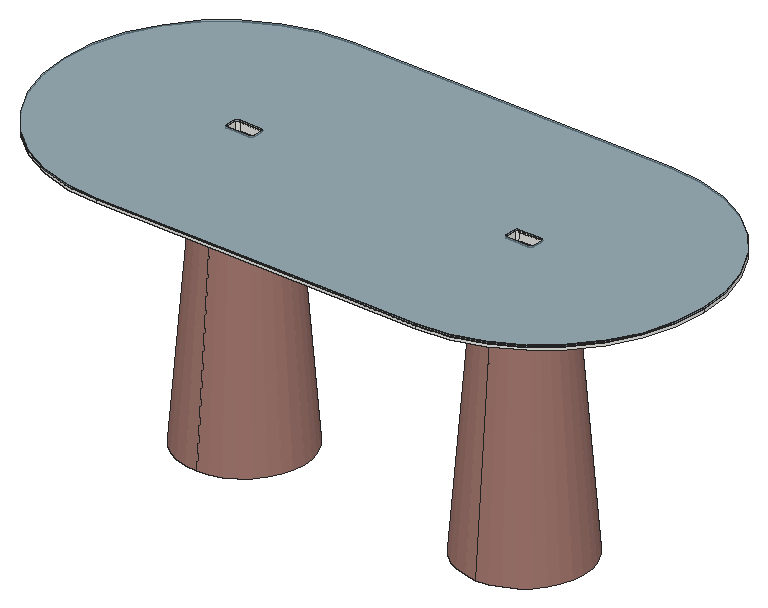
Revit family "Table-Teknion-MXSCT-Cone_Base_Specialty_Glass_Top-Expansion_Meeting-R2023", category Furniture, Revit 2023
Family settings
  OmniClass Number = 23.40.20.00
  OmniClass Title = General Furniture and Specialties
  Work Plane-Based = No
  Enable Cutting in Views = No
  Always vertical = Yes
  Cut with Voids When Loaded = No
  Render Appearance Source = Family Geometry
  Shared = Yes
  Room Calculation Point = No
Parameters (values of type "(FD) Flush Module - Dual")
  Worksurface Finish [instance] = Foundation Laminate - Teknion - XG - Very White
  Width [instance] = 96.000"
  Warranty = "http://www.teknion.com/ca/papers/legal-canada"
  Leg Height [instance] = Height - 1.189"  # 40.811"
  Worksurface Glass Finish [instance] = Backpainted Glass - Teknion - HV - Accent - Atmosphere
  Available Height [instance] = "29, 36 and 42 Inches"  # constant formula
  (W) Deep Knife Edge (1-3/16") = yes
  Unit Weight URL = "http://www.teknion.com/ca/tools/assets#&asset=bee6a381-b954-425e-8283-5a2de3a804f2,f828d448-4b62-4231-9e5f-9a8991c0ed77"
  URL = "www.teknion.com"
  To render please download texture images found here [instance] = "https://assets.teknion.com/web/5e81352c1dfdb467/revit-material-swatches/"
  Sustainability Data = "https://www.teknion.com/ca/tools/assets#&topic=216f99a5-57a0-44fc-b10a-9dee9b29ae4c&asset=444deb64-fe58-4b68-981e-f75e97781df7,b4ff2d81-9f2e-437d-9659-7cffb09c31cf"
  Support Finish [instance] = Paint - Teknion - 18 - Accent - Brickstone
  Series = "Meeting Tables"  # constant formula
  FD = yes
  Product Page URL = "https://www.teknion.com/products/product-details?productlineid=3982336e-8e7a-673b-a6c8-ff00004460c4"
  Product Line = "Expansion Meeting"  # constant formula
  Product Documentation Link = "http://www.teknion.com/pricing/Expansion-meeting/pdfs/MXTCT_ppg.pdf"
  Part Number = "MXSCT"  # constant formula
  Model = "MXSCTW______FD"
  Manufacturer Phone = "416-661-3370"  # constant formula
  Manufacturer Fax = "416.661.4586"  # constant formula
  Manufacturer Contact Information = "http://www.teknion.com/ca/contactus"
  Manufacturer Address = "1150 Flint Road, Toronto, ON. M3J 2J5. Canada"  # constant formula
  Manufacturer = "Teknion"  # constant formula
  How To Use Teknion Materials User Guide [instance] = "https://assets.teknion.com/m/205dd0a49fa58060/original/How-to-add-a-Material-Library-and-Texture-Images-to-your-Revit-project.pdf"
  Height [instance] = 42.000"
  For Additional Finishes please visit [instance] = "https://assets.teknion.com/m/44a8009b046e5d47/original/Teknion_Materials_Library.zip"
  FT = no
  Dim1 [instance] = if(Width = 72.000", 22.500", if(Width = 78.000", 22.500", if(Width = 84.000", 24.000", if(Width = 90.000", 25.500", 27.000"))))  # 27.000"
  Description = "Cone Base - Racetrack with Specialty Top, Flush Module, Dual"
  Depth [instance] = 48.000"
  Default Elevation = 0.000"
  Available Width [instance] = "72, 78, 84, 90 and 96 Inches"  # constant formula
  Available Depth [instance] = if(Height = 29.000", "42 and 48 Inches", if(Height = 36.000", "36 and 42 Inches", "36 and 42 Inches"))  # "36 and 42 Inches"
  Assembly Code = "E2020200"
Types (4): name | Width | Leg Height | Worksurface Glass Finish | FD | Product Documentation Link | Model | Height | FT | Dim1 | Description | Depth | Available Depth
  (no name) | 96.000" | 40.811" | Backpainted Glass - Teknion - HV - Accent - Atmosphere | yes | "http://www.teknion.com/pricing/Expansion-meeting/pdfs/MXTCT_ppg.pdf" | "MXSCTW______FD" | 42.000" | no | 27.000" | "Cone Base - Racetrack with Specialty Top, Flush Module, Dual" | 48.000" | "36 and 42 Inches"
  (FT) Flush Module - Triple | 90.000" | 27.811" | Backpainted Glass - Teknion - HT - Accent - Herbal | no | "http://www.teknion.com/pricing/Expansion-meeting/pdfs/MXTIT_ppg.pdf" | "MXSCTW______FT" | 29.000" | yes | 25.500" | "Cone Base - Racetrack with Specialty Top, Flush Module, Triple\r\nFlush Module - Triple" | 36.000" | "42 and 48 Inches"
  (FD) Flush Module - Dual | 96.000" | 40.811" | Backpainted Glass - Teknion - HV - Accent - Atmosphere | yes | "http://www.teknion.com/pricing/Expansion-meeting/pdfs/MXTCT_ppg.pdf" | "MXSCTW______FD" | 42.000" | no | 27.000" | "Cone Base - Racetrack with Specialty Top, Flush Module, Dual" | 48.000" | "36 and 42 Inches"
  (NN) No Cutout | 96.000" | 27.811" | Backpainted Glass - Teknion - HV - Accent - Atmosphere | no | "http://www.teknion.com/pricing/Expansion-meeting/pdfs/MXTIT_ppg.pdf" | "MXSCTW______NN" | 29.000" | no | 27.000" | "Cone Base - Racetrack with Specialty Top, No Cutout" | 60.000" | "42 and 48 Inches"
Reference planes (in)
  plane 1 "Center Front/Back": y = 0
  plane 2: z = 0
  plane 3 "Center Left/Right": x = 0
  plane 4 "Left": x = -48
  plane 5 "Right": x = 48
  plane 6 "Back": y = 24
  plane 7 "Front": y = -24
  plane 8 "Top": z = 42
  plane 9: x = -21
  plane 10: x = 21
Forms (in)
  Sweep 1, solid, material "Foundation Laminate - Teknion - XG - Very White" <- "Worksurface Finish"
    path origin (0, 0, 0) x (1, 0, 0) y (0, 0, 1)
      loop
        line (0, 42) -> (0, 40.81102)
    profile origin (0, 0, 41.40551) x (0, -1, 0) y (1, 0, 0)
      loop
        arc (-24, -23.99857) -> (-16.97076, -40.96953) -> (-0.00032, -48) r 24.00143
        arc (-0.00032, -48) -> (16.97036, -40.9716) -> (24, -24.00143) r 23.99857
        line (24, -24.00143) -> (24, 24)
        arc (24, 24) -> (16.97056, 40.97056) -> (0, 48) r 24
        arc (0, 48) -> (-16.97056, 40.97056) -> (-24, 24) r 24
        line (-24, 24) -> (-24, -23.99857)
  Sweep 2, void
    path in 3D
      loop
        arc (24, -24, 42) -> (40.97056, -16.97056, 42) -> (48, 0, 42) r 24
        arc (48, 0, 42) -> (40.97056, 16.97056, 42) -> (24, 24, 42) r 24
        line (24, 24, 42) -> (-23.99857, 24, 42)
        arc (-23.99857, 24, 42) -> (-40.96953, 16.97076, 42) -> (-48, 0.00032, 42) r 24.00143
        arc (-48, 0.00032, 42) -> (-40.9716, -16.97036, 42) -> (-24.00143, -24, 42) r 23.99857
        line (-24.00143, -24, 42) -> (24, -24, 42)
    profile origin (48, 0, 42) x (1, 0, 0) y (0, 0, 1)
      loop
        line (0.03125, -0.38922) -> (-2.38217, -1.22023) -> (0.03125, -1.22023) -> (0.03125, -0.38922)
  Sweep 3, void
    path origin (0, 0, 0) x (1, 0, 0) y (0, 0, 1)
      loop
        line (0, 40.81102) -> (0, 43.31102)
    profile origin (0, 0, 42.06102) x (-1, 0, 0) y (0, -1, 0)
      loop
        arc (2.53937, -1.12205) -> (2.81776, -1.00673) -> (2.93307, -0.72835) r 0.3937
        line (2.93307, -0.72835) -> (2.93307, 0.72835)
        arc (2.93307, 0.72835) -> (2.81776, 1.00673) -> (2.53937, 1.12205) r 0.3937
        line (2.53937, 1.12205) -> (-2.53937, 1.12205)
        arc (-2.53937, 1.12205) -> (-2.81776, 1.00673) -> (-2.93307, 0.72835) r 0.3937
        line (-2.93307, 0.72835) -> (-2.93307, -0.72835)
        arc (-2.93307, -0.72835) -> (-2.81776, -1.00673) -> (-2.53937, -1.12205) r 0.3937
        line (-2.53937, -1.12205) -> (2.53937, -1.12205)
  Sweep 4, void
    path origin (0, 0, 0) x (1, 0, 0) y (0, 0, 1)
      loop
        line (0, 40.81102) -> (0, 43.31102)
    profile origin (0, 0, 42.06102) x (-1, 0, 0) y (0, -1, 0)
      loop
        arc (22.65354, -1.12205) -> (22.93193, -1.00673) -> (23.04724, -0.72835) r 0.3937
        line (23.04724, -0.72835) -> (23.04724, 0.72835)
        arc (23.04724, 0.72835) -> (22.93193, 1.00673) -> (22.65354, 1.12205) r 0.3937
        line (22.65354, 1.12205) -> (19.34646, 1.12205)
        arc (19.34646, 1.12205) -> (19.06807, 1.00673) -> (18.95276, 0.72835) r 0.3937
        line (18.95276, 0.72835) -> (18.95276, -0.72835)
        arc (18.95276, -0.72835) -> (19.06807, -1.00673) -> (19.34646, -1.12205) r 0.3937
        line (19.34646, -1.12205) -> (22.65354, -1.12205)
      loop
        arc (-19.34646, -1.12205) -> (-19.06807, -1.00673) -> (-18.95276, -0.72835) r 0.3937
        line (-18.95276, -0.72835) -> (-18.95276, 0.72835)
        arc (-18.95276, 0.72835) -> (-19.06807, 1.00673) -> (-19.34646, 1.12205) r 0.3937
        line (-19.34646, 1.12205) -> (-22.65354, 1.12205)
        arc (-22.65354, 1.12205) -> (-22.93193, 1.00673) -> (-23.04724, 0.72835) r 0.3937
        line (-23.04724, 0.72835) -> (-23.04724, -0.72835)
        arc (-23.04724, -0.72835) -> (-22.93193, -1.00673) -> (-22.65354, -1.12205) r 0.3937
        line (-22.65354, -1.12205) -> (-19.34646, -1.12205)
  Sweep 5, solid, material "Backpainted Glass - Teknion - HV - Accent - Atmosphere" <- "Worksurface Glass Finish"
    path origin (0, 0, 0) x (1, 0, 0) y (0, 0, 1)
      loop
        line (0, 42) -> (0, 42.25)
    profile origin (0, 0, 42.125) x (-1, 0, 0) y (0, -1, 0)
      loop
        arc (23.99857, -24) -> (40.97014, -16.97014) -> (48, 0.00143) r 24.00143
        arc (48, 0.00143) -> (40.97098, 16.97098) -> (24.00143, 24) r 23.99857
        line (24.00143, 24) -> (-24, 24)
        arc (-24, 24) -> (-40.97056, 16.97056) -> (-48, 0) r 24
        arc (-48, 0) -> (-40.97056, -16.97056) -> (-24, -24) r 24
        line (-24, -24) -> (23.99857, -24)
Cuts and joins
  Sweep 2, Sweep 3, Sweep 4 cuts Sweep 1
  Sweep 3, Sweep 4 cuts Sweep 5
Lines and regions (in)
  Masking region 1
    outline origin (0, 0, 0) x (1, 0, 0) y (0, 1, 0)
      loop
        arc (-23.99857, 24) -> (-40.97014, 16.97014) -> (-48, -0.00143) r 24.00143
        arc (-48, -0.00143) -> (-40.97098, -16.97098) -> (-24.00143, -24) r 23.99857
        line (-24.00143, -24) -> (24, -24)
        arc (24, -24) -> (40.97056, -16.97056) -> (48, 0) r 24
        arc (48, 0) -> (40.97056, 16.97056) -> (24, 24) r 24
        line (24, 24) -> (-23.99857, 24)
  sketch lines
    curve 1: line (-24.00143, -24, 42) -> (24, -24, 42)
    curve 2: arc (48, 0, 42) -> (40.97056, -16.97056, 42) -> (24, -24, 42) r 24
    curve 3: arc (24, 24, 42) -> (40.97056, 16.97056, 42) -> (48, 0, 42) r 24
    curve 4: line (24, 24, 42) -> (-23.99857, 24, 42)
    curve 5: arc (-48, 0.00032, 42) -> (-40.96953, 16.97076, 42) -> (-23.99857, 24, 42) r 24.00143
    curve 6: arc (-24.00143, -24, 42) -> (-40.9716, -16.97036, 42) -> (-48, 0.00032, 42) r 23.99857
  reference lines
    curve 7: line (-48, 24, 0) -> (48, 24, 0)
    curve 8: line (-48, -24, 0) -> (48, -24, 0)
    curve 9: line (48, 24, 0) -> (48, -24, 0)
    curve 10: line (-48, 24, 0) -> (-48, -24, 0)
  symbolic lines, style "Furniture", visible <- "FT"
    curve 11: line (2.53937, 1.12205, 0) -> (-2.53937, 1.12205, 0)
    curve 12: arc (-2.53937, 1.12205, 0) -> (-2.81776, 1.00673, 0) -> (-2.93307, 0.72835, 0) r 0.3937
    curve 13: line (-2.93307, 0.72835, 0) -> (-2.93307, -0.72835, 0)
    curve 14: arc (-2.93307, -0.72835, 0) -> (-2.81776, -1.00673, 0) -> (-2.53937, -1.12205, 0) r 0.3937
    curve 15: line (-2.53937, -1.12205, 0) -> (2.53937, -1.12205, 0)
    curve 16: arc (2.53937, -1.12205, 0) -> (2.81776, -1.00673, 0) -> (2.93307, -0.72835, 0) r 0.3937
    curve 17: line (2.93307, -0.72835, 0) -> (2.93307, 0.72835, 0)
    curve 18: arc (2.93307, 0.72835, 0) -> (2.81776, 1.00673, 0) -> (2.53937, 1.12205, 0) r 0.3937
  symbolic lines, visible <- "FD"
    curve 19: line (-19.34646, 1.12205, 0) -> (-22.65354, 1.12205, 0)
    curve 20: arc (-22.65354, 1.12205, 0) -> (-22.93193, 1.00673, 0) -> (-23.04724, 0.72835, 0) r 0.3937
    curve 21: line (-23.04724, 0.72835, 0) -> (-23.04724, -0.72835, 0)
    curve 22: arc (-23.04724, -0.72835, 0) -> (-22.93193, -1.00673, 0) -> (-22.65354, -1.12205, 0) r 0.3937
    curve 23: line (-22.65354, -1.12205, 0) -> (-19.34646, -1.12205, 0)
    curve 24: arc (-19.34646, -1.12205, 0) -> (-19.06807, -1.00673, 0) -> (-18.95276, -0.72835, 0) r 0.3937
    curve 25: line (-18.95276, -0.72835, 0) -> (-18.95276, 0.72835, 0)
    curve 26: arc (-18.95276, 0.72835, 0) -> (-19.06807, 1.00673, 0) -> (-19.34646, 1.12205, 0) r 0.3937
    curve 27: line (22.65354, 1.12205, 0) -> (19.34646, 1.12205, 0)
    curve 28: arc (19.34646, 1.12205, 0) -> (19.06807, 1.00673, 0) -> (18.95276, 0.72835, 0) r 0.3937
    curve 29: line (18.95276, 0.72835, 0) -> (18.95276, -0.72835, 0)
    curve 30: arc (18.95276, -0.72835, 0) -> (19.06807, -1.00673, 0) -> (19.34646, -1.12205, 0) r 0.3937
    curve 31: line (19.34646, -1.12205, 0) -> (22.65354, -1.12205, 0)
    curve 32: arc (22.65354, -1.12205, 0) -> (22.93193, -1.00673, 0) -> (23.04724, -0.72835, 0) r 0.3937
    curve 33: line (23.04724, -0.72835, 0) -> (23.04724, 0.72835, 0)
    curve 34: arc (23.04724, 0.72835, 0) -> (22.93193, 1.00673, 0) -> (22.65354, 1.12205, 0) r 0.3937
  symbolic lines, style "FurnitureHiddenLines", detail levels medium+fine
    curve 35: arc (-23.99857, 21.709, 0) -> (-39.35016, 15.35016, 0) -> (-45.709, -0.00143, 0) r 21.71043
    curve 36: arc (-45.709, -0.00143, 0) -> (-39.351, -15.351, 0) -> (-24.00143, -21.709, 0) r 21.70757
    curve 37: line (-24.00143, -21.709, 0) -> (24, -21.709, 0)
    curve 38: arc (24, -21.709, 0) -> (39.35058, -15.35058, 0) -> (45.709, 0, 0) r 21.709
    curve 39: arc (45.709, 0, 0) -> (39.35058, 15.35058, 0) -> (24, 21.709, 0) r 21.709
    curve 40: line (24, 21.709, 0) -> (-23.99857, 21.709, 0)
Dimensions and locks (in)
  "Width": plane 4 "Left" to plane 5 "Right"
  "Depth": plane 6 "Back" to plane 7 "Front"
  "Height": plane 8 "Top" to level
  equal spacing: plane 4 "Left", plane 3 "Center Left/Right", plane 5 "Right"
  equal spacing: plane 6 "Back", plane 1 "Center Front/Back", plane 7 "Front"
  locked: plane 8 "Top" to Sweep 1 sketch curve at 1.18898
  locked: plane 5 "Right" to Sweep 2 sketch curve at 0.03125
  locked: plane 8 "Top" to Sweep 2 sketch curve at 1.22023
  Sweep 3 sketch curve to plane 8 "Top" to Sweep 3 sketch curve = 1.31102" locked, 1.18898" locked
  Sweep 3 sketch curve to plane 3 "Center Left/Right" to Sweep 3 sketch curve = 2.93307" locked, 2.93307" locked
  Sweep 3 sketch curve to plane 1 "Center Front/Back" to Sweep 3 sketch curve = 1.12205" locked, 1.12205" locked
  Sweep 4 sketch curve to plane 8 "Top" to Sweep 4 sketch curve = 1.31102" locked, 1.18898" locked
  "Dim1": plane 4 "Left" to plane 9
  "Dim1": plane 10 to plane 5 "Right"
  Sweep 4 sketch curve to plane 9 to Sweep 4 sketch curve = 2.04724" locked, 2.04724" locked
  Sweep 4 sketch curve to Sweep 4 sketch curve to plane 1 "Center Front/Back" to Sweep 4 sketch curve to Sweep 4 sketch curve = 0.000" locked, 1.12205" locked, 1.12205" locked, 0.000" locked
  Sweep 4 sketch curve to plane 10 to Sweep 4 sketch curve = 2.04724" locked, 2.04724" locked
  locked: Sweep 5 sketch curve to plane 8 "Top" at 0.25
  locked: plane 6 "Back" to curve 40 at 2.291
  locked: plane 7 "Front" to curve 37 at 2.291
  plane 4 "Left" to curve 36 to curve 35 = 2.291" locked, 0.000" locked
  locked: curve 39 to plane 5 "Right" at 2.291
  aligned and locked: level to plane 2
  aligned and locked: plane 8 "Top" to Sweep 1 sketch curve
  aligned and locked: Sweep 1 sketch curve to plane 6 "Back"
  aligned and locked: plane 4 "Left" to Sweep 1 sketch curve  (x2)
  aligned and locked: plane 5 "Right" to Sweep 1 sketch curve
  aligned and locked: plane 3 "Center Left/Right" to nested 1
  aligned and locked: plane 1 "Center Front/Back" to nested 1
  aligned and locked: curve 7 to plane 6 "Back"
  aligned and locked: plane 7 "Front" to curve 8
  aligned and locked: nested 2 to plane 9
  aligned and locked: plane 1 "Center Front/Back" to nested 2
  aligned and locked: plane 1 "Center Front/Back" to nested 3
  aligned and locked: plane 10 to nested 3
  aligned and locked: plane 3 "Center Left/Right" to Sweep 3 sketch curve
  aligned and locked: plane 3 "Center Left/Right" to Sweep 4 sketch curve
  aligned and locked: plane 5 "Right" to curve 9
  aligned and locked: curve 10 to plane 4 "Left"
  aligned and locked: curve 12 to Sweep 3
  aligned and locked: curve 14 to Sweep 3
  aligned and locked: curve 16 to Sweep 3
  aligned and locked: curve 18 to Sweep 3
  aligned and locked: curve 20 to Sweep 4
  aligned and locked: curve 22 to Sweep 4
  aligned and locked: curve 24 to Sweep 4
  aligned and locked: curve 26 to Sweep 4
  aligned and locked: curve 28 to Sweep 4
  aligned and locked: curve 30 to Sweep 4
  aligned and locked: curve 32 to Sweep 4
  aligned and locked: curve 34 to Sweep 4
  aligned and locked: plane 3 "Center Left/Right" to Sweep 5 sketch curve
  aligned and locked: plane 8 "Top" to Sweep 5 sketch curve
  aligned and locked: Sweep 5 sketch curve to plane 6 "Back"
  aligned and locked: plane 7 "Front" to Sweep 5 sketch curve
  aligned and locked: plane 4 "Left" to Sweep 5 sketch curve  (x2)
  aligned and locked: plane 5 "Right" to Sweep 5 sketch curve
  aligned and locked: plane 6 "Back" to Masking region 1 sketch curve
  aligned and locked: plane 7 "Front" to Masking region 1 sketch curve
  aligned and locked: nested 2 to plane 2
  aligned and locked: nested 3 to plane 2
Automatic sketch dimensions
  Sweep 1 sketch curve to plane 3 "Center Left/Right" = 0.000"
  Sweep 1 sketch curve to Sweep 1 sketch curve = 0.000"
  plane 1 "Center Front/Back" to Sweep 1 sketch curve = 0.000"  (x2)
  plane 1 "Center Front/Back" to Sweep 1 sketch curve = 0.00143"  (x2)
  profile plane to Sweep 2 sketch curve = 2.38217"
  Sweep 2 sketch curve to profile plane = 0.38922"
  Sweep 3 sketch curve to Sweep 3 sketch curve = 0.3937"  (x3)
  Sweep 3 sketch curve to Sweep 3 sketch curve = 0.000"
  Sweep 4 sketch curve to Sweep 4 sketch curve = 0.3937"  (x6)
  Sweep 4 sketch curve to Sweep 4 sketch curve = 0.000"
  Sweep 4 sketch curve to plane 1 "Center Front/Back" = 0.72835"
  plane 1 "Center Front/Back" to Sweep 5 sketch curve = 0.000"
  plane 1 "Center Front/Back" to Sweep 5 sketch curve = 0.00143"  (x2)
  Sweep 5 sketch curve to Sweep 5 sketch curve = 0.000"
  Masking region 1 sketch curve to Masking region 1 sketch curve = 0.000"
  Masking region 1 sketch curve to plane 4 "Left" = 0.000"  (x2)
  Masking region 1 sketch curve to plane 5 "Right" = 0.000"
  plane 1 "Center Front/Back" to Masking region 1 sketch curve = 0.00143"
  plane 1 "Center Front/Back" to curve 36 = 0.00143"
  curve 38 to curve 39 = 0.000"
Nested families (in)
  nested 1: "Teknion_2D_Node_Family-R2021" at (0, 0, 0), type "Teknion_2D_Node_Family-R2021"
  nested 2: "Leg-MXTCT-Exp_Meeting-R2022" at (-21, 0, 0), Height <- "Leg Height", Support Finish <- "Support Finish", type "Leg-MXTCT"
    with To render please download texture images found here "https://assets.teknion.com/web/5e81352c1dfdb467/revit-material-swatches/", Support Finish Paint - Teknion - 18 - Accent - Brickstone, How To Use Teknion Materials User Guide "https://assets.teknion.com/m/205dd0a49fa58060/original/How-to-add-a-Material-Library-and-Texture-Images-to-your-Revit-project.pdf", Height 40.811", For Additional Finishes please visit "https://assets.teknion.com/m/44a8009b046e5d47/original/Teknion_Materials_Library.zip"
  nested 3: "Leg-MXTCT-Exp_Meeting-R2022" at (21, 0, 0), Height <- "Leg Height", Support Finish <- "Support Finish", type "Leg-MXTCT"
    with To render please download texture images found here "https://assets.teknion.com/web/5e81352c1dfdb467/revit-material-swatches/", Support Finish Paint - Teknion - 18 - Accent - Brickstone, How To Use Teknion Materials User Guide "https://assets.teknion.com/m/205dd0a49fa58060/original/How-to-add-a-Material-Library-and-Texture-Images-to-your-Revit-project.pdf", Height 40.811", For Additional Finishes please visit "https://assets.teknion.com/m/44a8009b046e5d47/original/Teknion_Materials_Library.zip"
Definition of nested family "Leg-MXTCT-Exp_Meeting-R2022"
  Parameters (values of type "Leg-MXTCT")
    Width = 0.000"
    Warranty = "http://www.teknion.com/ca/papers/legal-canada"
    Unit Weight URL = "http://www.teknion.com/ca/tools/assets#&asset=bee6a381-b954-425e-8283-5a2de3a804f2,f828d448-4b62-4231-9e5f-9a8991c0ed77"
    URL = "www.teknion.com"
    To render please download texture images found here [instance] = "https://assets.teknion.com/web/5e81352c1dfdb467/revit-material-swatches/"
    Sustainability Data = "https://www.teknion.com/ca/tools/assets#&topic=216f99a5-57a0-44fc-b10a-9dee9b29ae4c&asset=444deb64-fe58-4b68-981e-f75e97781df7,b4ff2d81-9f2e-437d-9659-7cffb09c31cf"
    Support Finish [instance] = none
    Series = ""
    Product Page URL = ""
    Product Line = ""
    Product Documentation Link = ""
    Part Number = ""
    Model = "1"
    Manufacturer Phone = "416-661-3370"  # constant formula
    Manufacturer Fax = "416.661.4586"  # constant formula
    Manufacturer Contact Information = "http://www.teknion.com/ca/contactus"
    Manufacturer Address = "1150 Flint Road, Toronto, ON. M3J 2J5. Canada"  # constant formula
    Manufacturer = "Teknion"  # constant formula
    Length = 0.000"
    How To Use Teknion Materials User Guide [instance] = "https://assets.teknion.com/m/205dd0a49fa58060/original/How-to-add-a-Material-Library-and-Texture-Images-to-your-Revit-project.pdf"
    Height [instance] = 29.000"
    For Additional Finishes please visit [instance] = "https://assets.teknion.com/m/44a8009b046e5d47/original/Teknion_Materials_Library.zip"
    Depth = 0.000"
    Default Elevation = 0.000"
    Assembly Code = "E2020200"
  Reference planes (in)
    plane 1 "Center Front/Back": y = 0
    plane 2: z = 0
    plane 3 "Center Left/Right": x = 0
    plane 4 "Left": x = -9
    plane 5 "Right": x = 9
    plane 6 "Back": y = 9
    plane 7 "Front": y = -9
    plane 8 "Top": z = 29
  Forms (in)
    SweptBlend 1, solid, material <- "Support Finish"
      path origin (0, 0, 0) x (1, 0, 0) y (0, 0, 1)
        loop
          line (0, 28.811) -> (0, 0.122)
      profile origin (0, 0, 28.811) x (0, -1, 0) y (1, 0, 0)
        loop
          circle (0, 0) r 5.75
      end profile origin (0, 0, 0.122) x (0, -1, 0) y (1, 0, 0)
        loop
          circle (0, 0) r 9
    Extrusion 2, solid, material <- "Support Finish"
      sketch origin (0, 0, 28.811) x (1, 0, 0) y (0, 1, 0)
        loop
          line (6.11811, 9) -> (-6.11811, 9)
          arc (-6.11811, 9) -> (-8.15591, 8.15591) -> (-9, 6.11811) r 2.88189
          line (-9, 6.11811) -> (-9, -6.11811)
          arc (-9, -6.11811) -> (-8.15591, -8.15591) -> (-6.11811, -9) r 2.88189
          line (-6.11811, -9) -> (6.11811, -9)
          arc (6.11811, -9) -> (8.15591, -8.15591) -> (9, -6.11811) r 2.88189
          line (9, -6.11811) -> (9, 6.11811)
          arc (9, 6.11811) -> (8.15591, 8.15591) -> (6.11811, 9) r 2.88189
      from 0 to 0.18898
    Sweep 3, solid
      path origin (0, 0, 0) x (1, 0, 0) y (0, 0, 1)
        loop
          line (0, 0.31496) -> (0, 0)
      profile origin (0, 0, 0.15748) x (0, -1, 0) y (1, 0, 0)
        loop
          circle (-6.96884, 4.03451) r 0.5
        loop
          circle (-6.96884, -4.03451) r 0.5
        loop
          circle (6.96884, 4.03451) r 0.5
        loop
          circle (6.96884, -4.03451) r 0.5
        loop
          circle (0, 8.05797) r 0.5
        loop
          circle (0, -8.05797) r 0.5
  Lines and regions (in)
    symbolic lines, detail levels medium+fine
      curve 1: line (6.11811, 9, 0) -> (-6.11811, 9, 0)
      curve 2: arc (-6.11811, 9, 0) -> (-8.15591, 8.15591, 0) -> (-9, 6.11811, 0) r 2.88189
      curve 3: line (-9, 6.11811, 0) -> (-9, -6.11811, 0)
      curve 4: arc (-9, -6.11811, 0) -> (-8.15591, -8.15591, 0) -> (-6.11811, -9, 0) r 2.88189
      curve 5: line (-6.11811, -9, 0) -> (6.11811, -9, 0)
      curve 6: arc (6.11811, -9, 0) -> (8.15591, -8.15591, 0) -> (9, -6.11811, 0) r 2.88189
      curve 7: line (9, -6.11811, 0) -> (9, 6.11811, 0)
      curve 8: arc (9, 6.11811, 0) -> (8.15591, 8.15591, 0) -> (6.11811, 9, 0) r 2.88189
      curve 11: arc (0, -5.75, 0) -> (5.75, 0, 0) -> (0, 5.75, 0) r 5.75
      curve 12: arc (0, 5.75, 0) -> (-5.75, 0, 0) -> (0, -5.75, 0) r 5.75
      curve 27: arc (0, -5.562, 0) -> (5.562, 0, 0) -> (0, 5.562, 0) r 5.562
      curve 28: arc (0, 5.562, 0) -> (-5.562, 0, 0) -> (0, -5.562, 0) r 5.562
      curve 29: line (-1.5785, 1.5785, 0) -> (1.5785, 1.5785, 0)
      curve 30: line (-1.5785, -1.5785, 0) -> (-1.5785, 1.5785, 0)
      curve 31: line (1.5785, -1.5785, 0) -> (-1.5785, -1.5785, 0)
      curve 32: line (1.5785, 1.5785, 0) -> (1.5785, -1.5785, 0)
      curve 33: circle (0, 0, 0) r 2.75 normal (0, 0, 1)
    symbolic lines, detail levels fine
      curve 9: arc (0, 9, 0) -> (9, 0, 0) -> (0, -9, 0) r 9
      curve 10: arc (0, -9, 0) -> (-9, 0, 0) -> (0, 9, 0) r 9
      curve 13: arc (-4.03451, 7.46884, 0) -> (-4.53451, 6.96884, 0) -> (-4.03451, 6.46884, 0) r 0.5
      curve 14: arc (-4.03451, 6.46884, 0) -> (-3.53451, 6.96884, 0) -> (-4.03451, 7.46884, 0) r 0.5
      curve 15: arc (4.03451, 7.46884, 0) -> (3.53451, 6.96884, 0) -> (4.03451, 6.46884, 0) r 0.5
      curve 16: arc (4.03451, 6.46884, 0) -> (4.53451, 6.96884, 0) -> (4.03451, 7.46884, 0) r 0.5
      curve 17: arc (8.05797, 0.5, 0) -> (7.55797, 0, 0) -> (8.05797, -0.5, 0) r 0.5
      curve 18: arc (8.05797, -0.5, 0) -> (8.55797, 0, 0) -> (8.05797, 0.5, 0) r 0.5
      curve 19: arc (4.03451, -7.46884, 0) -> (4.53451, -6.96884, 0) -> (4.03451, -6.46884, 0) r 0.5
      curve 20: arc (4.03451, -6.46884, 0) -> (3.53451, -6.96884, 0) -> (4.03451, -7.46884, 0) r 0.5
      curve 21: arc (-4.03451, -7.46884, 0) -> (-3.53451, -6.96884, 0) -> (-4.03451, -6.46884, 0) r 0.5
      curve 22: arc (-4.03451, -6.46884, 0) -> (-4.53451, -6.96884, 0) -> (-4.03451, -7.46884, 0) r 0.5
      curve 23: arc (-8.05797, 0.5, 0) -> (-8.55797, 0, 0) -> (-8.05797, -0.5, 0) r 0.5
      curve 24: arc (-8.05797, -0.5, 0) -> (-7.55797, 0, 0) -> (-8.05797, 0.5, 0) r 0.5
      curve 25: arc (0, -8.812, 0) -> (-8.812, 0, 0) -> (0, 8.812, 0) r 8.812
      curve 26: arc (0, 8.812, 0) -> (8.812, 0, 0) -> (0, -8.812, 0) r 8.812
  Dimensions and locks (in)
    plane 4 "Left" to plane 5 "Right" = 18.000"
    plane 6 "Back" to plane 7 "Front" = 18.000"
    "Height": plane 8 "Top" to level
    equal spacing: plane 6 "Back", plane 1 "Center Front/Back", plane 7 "Front"
    locked: SweptBlend 1 sketch curve to plane 2 at 0.122
    locked: plane 8 "Top" to SweptBlend 1 sketch curve at 0.189
    aligned and locked: level to plane 2
    aligned and locked: Sweep 3 sketch curve to plane 3 "Center Left/Right"
    aligned and locked: curve 2 to Extrusion 2
    aligned and locked: curve 4 to Extrusion 2
    aligned and locked: curve 6 to Extrusion 2
    aligned and locked: curve 8 to Extrusion 2
    aligned and locked: curve 9 to SweptBlend 1
    aligned and locked: curve 10 to SweptBlend 1
    aligned and locked: curve 11 to SweptBlend 1
    aligned and locked: curve 12 to SweptBlend 1
    aligned and locked: curve 13 to Sweep 3
    aligned and locked: curve 14 to Sweep 3
    aligned and locked: curve 15 to Sweep 3
    aligned and locked: curve 16 to Sweep 3
    aligned and locked: curve 17 to Sweep 3
    aligned and locked: curve 18 to Sweep 3
    aligned and locked: curve 19 to Sweep 3
    aligned and locked: curve 20 to Sweep 3
    aligned and locked: curve 21 to Sweep 3
    aligned and locked: curve 22 to Sweep 3
    aligned and locked: curve 23 to Sweep 3
    aligned and locked: curve 24 to Sweep 3
  Automatic sketch dimensions
    plane 1 "Center Front/Back" to SweptBlend 1 sketch curve = 0.000"  (x2)
    SweptBlend 1 sketch curve to profile plane = 0.000"  (x2)
    Sweep 3 sketch curve to level = 0.000"
    Sweep 3 sketch curve to Sweep 3 sketch curve = 0.31496"
    plane 1 "Center Front/Back" to Sweep 3 sketch curve = 0.000"  (x2)
    Sweep 3 sketch curve to plane 1 "Center Front/Back" = 6.96884"  (x2)
    plane 1 "Center Front/Back" to Sweep 3 sketch curve = 6.96884"  (x2)
    profile plane to Sweep 3 sketch curve = 8.05797"
    profile plane to Sweep 3 sketch curve = 4.03451"  (x2)
    Sweep 3 sketch curve to profile plane = 4.03451"  (x2)
    Sweep 3 sketch curve to Sweep 3 sketch curve = 4.02346"
    curve 9 to curve 25 = 0.000"  (x2)
    curve 9 to curve 27 = 0.000"  (x2)
    curve 9 to curve 33 = 0.000"  (x2)
    curve 29 to plane 3 "Center Left/Right" = 1.5785"
    plane 3 "Center Left/Right" to curve 32 = 1.5785"
    plane 1 "Center Front/Back" to curve 30 = 1.5785"
    curve 29 to plane 1 "Center Front/Back" = 1.5785"
    curve 25 to plane 7 "Front" = 0.188"
    curve 11 to curve 27 = 0.188"
    SweptBlend 1 sketch curve to plane 3 "Center Left/Right" = 0.000"
    radius of SweptBlend 1 sketch curve = 9.000"
    radius of Sweep 3 sketch curve = 0.500"  (x6)
    radius of curve 33 = 2.750"
    radius of SweptBlend 1 sketch curve = 5.750"
Definition of nested family "Teknion_2D_Node_Family-R2021"
  Reference planes (in)
    plane 1 "Center (Front/Back)": y = 0
    plane 2: z = 0
    plane 3 "Center (Left/Right)": x = 0
  Lines and regions (in)
    detail lines, in view "Ref. Level"
      curve 1: circle (0, 0, 0) r 1.25 normal (0, 0, 1)
      curve 2: line (1.91508, -1.91508, 0) -> (-1.91508, 1.91508, 0)
      curve 3: line (-1.91508, -1.91508, 0) -> (1.91508, 1.91508, 0)
